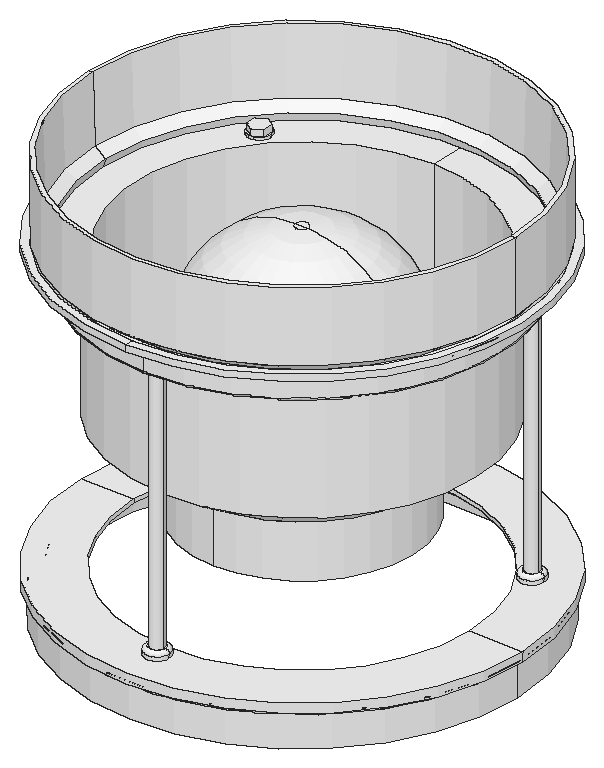
Revit family "R1220-RS", category Plumbing Fixtures, host Face, Revit 2018
Family settings
  Host = Face
  Round Connector Dimension = Use Radius
  Part Type = Normal
  Cut with Voids When Loaded = No
  Shared = No
  Room Calculation Point = No
Parameters (values of type "6" Drain Pipe Size")
  WFU = 0
  URL = "WWW.MIFAB.COM"
  Strainer Diameter = 0' - 6 15/16"
  Pipe Radius = Pipe Diameter / 2  # 0' - 3"
  Pipe Diameter = 0' - 6"
  Model = "R1220-RS"
  Manufacturer = "MIFAB"
  Floor Drain Material = Paint - Sherwin Williams Paint - #952C2A - Bellwood Red
  Description = "MEDIUM SUMP ROOF DECK CONDENSATE RECEPTOR DRAIN"
  Default Elevation = 0' - 0"
  CWFU = 0
  Bottom Adjustmen = 0' - 8"
  Body Height = 0' - 6.41792"
  Assembly Code = ""
Types (5): name | Pipe Radius | Pipe Diameter
  (no name) | 0' - 3" | 0' - 6"
  6" Drain Pipe Size | 0' - 3" | 0' - 6"
  4" Drain Pipe Size | 0' - 2" | 0' - 4"
  3" Drain Pipe Size | 0' - 1 1/2" | 0' - 3"
  2" Drain Pipe Size | 0' - 1" | 0' - 2"
Reference planes (in)
  plane 1 "Center (Front/Back)": y = 0
  plane 2: z = 0
  plane 3 "Center (Left/Right)": x = 0
  plane 4: z = -6.70133
  plane 5: z = -0.28341
  plane 6: z = 0.34159
  plane 7: y = -3
  plane 8: y = 3
  plane 9: z = -6.70133
  plane 10: z = 2
  plane 11: z = -8
  plane 12: x = -6
  plane 13: x = 6
  plane 14: y = 6
  plane 15: y = -6
  plane 16: z = -9.18239
Forms (in)
  Revolve 1, solid, material "Paint - Sherwin Williams Paint - #952C2A - Bellwood Red" <- "Floor Drain Material"
    sketch origin (0, 0.04396, 0.34159) x (0, 1, 0) y (0, 0, 1)
      loop
        line (-4.50803, -0.54292) -> (-5.57618, -0.54292) -> (-5.83474, -0.34159) -> (-6.04396, -0.34159) -> (-6.04396, -0.51167) -> (-5.88972, -0.51167) -> (-5.6355, -0.70961) -> (-5.43458, -0.70961) -> (-5.43458, -1.27233)
        arc (-5.43458, -1.27233) -> (-5.42376, -1.29845) -> (-5.39764, -1.30927) r 0.03694
        line (-5.39764, -1.30927) -> (-4.75803, -1.30927) -> (-4.75803, -4.55392) -> (-3.04396, -5.61278) -> (-3.04396, -7.04292) -> (-2.79396, -7.04292) -> (-2.79396, -5.44415) -> (-4.50803, -4.3853) -> (-4.50803, -0.54292)
      axis (-0.04396, -0.34159) -> (-0.04396, -7.04292)
    angle from 0 to 360
  Revolve 2, solid, material "Paint - Sherwin Williams Paint - #952C2A - Bellwood Red" <- "Floor Drain Material"
    sketch origin (0, 0, 0) x (1, 0, 0) y (0, 0, 1)
      loop
        line (5.79891, 2) -> (5.68967, 2) -> (5.62753, 0.22049) -> (5.34473, -0.00045) -> (5.40556, -0.20706) -> (5.79891, 0.10026) -> (5.79891, 2)
      axis (0, -0.20706) -> (0, 2)
    angle from 0 to 360
  Revolve 3, solid, material "Paint - Sherwin Williams Paint - #952C2A - Bellwood Red" <- "Floor Drain Material"
    sketch origin (0, 0, 0) x (1, 0, 0) y (0, 0, 1)
      loop
        line (0, 0.24833) -> (0, -4.13302) -> (2.92144, -4.13302) -> (2.92144, -4.38302) -> (3.03998, -4.38302) -> (3.03998, -3.88302) -> (2.92144, -3.88302) -> (2.92144, -2.50167)
        arc (2.92144, -2.50167) -> (2.11599, -0.55713) -> (0.17144, 0.24833) r 2.75
        line (0.17144, 0.24833) -> (0, 0.24833)
      axis (0, -4.38302) -> (0, 0.24833)
    angle from 0 to 360
  Revolve 4, solid, material "Paint - Sherwin Williams Paint - #952C2A - Bellwood Red" <- "Floor Drain Material"
    sketch origin (0, 0, 0) x (1, 0, 0) y (0, 0, 1)
      loop
        line (6, -8) -> (4.56527, -8) -> (4.56527, -8.10277) -> (4.67515, -8.10277) -> (4.67515, -8.19049) -> (5.5262, -8.25) -> (5.67388, -9.18239) -> (5.8587, -9.18239) -> (5.8587, -8.35429)
        arc (5.8587, -8.35429) -> (5.88925, -8.28054) -> (5.96299, -8.25) r 0.10429
        line (5.96299, -8.25) -> (6, -8.25) -> (6, -8)
      axis (0, -9.18239) -> (0, -8)
    angle from 0 to 360
Lines and regions (in)
  model lines, not visible
    curve 1: line (8.00504, 5.99767, -0.53421) -> (8.00504, 18.74767, -0.53421)
    curve 2: line (8.00504, 18.74767, -0.53421) -> (9.75504, 18.74767, -0.53421)
    curve 3: line (8.00504, 5.99767, -0.53421) -> (9.75504, 5.99767, -0.53421)
    curve 4: line (8.00504, 12.37267, -0.53421) -> (8.75504, 12.37267, -0.53421)
Dimensions and locks (in)
  "Body Height": plane 5 to plane 4
  plane 6 to plane 5 = 0' - 0 5/8"
  equal spacing: plane 8, plane 1 "Center (Front/Back)", plane 7
  "Pipe Diameter": plane 8 to plane 7
  "Pipe Radius": plane 1 "Center (Front/Back)" to plane 7
  Revolve 1 sketch curve to Revolve 1 sketch curve = 0' - 0 1/4"
  plane 1 "Center (Front/Back)" to Revolve 1 sketch curve to Revolve 1 sketch curve = 0' - 4.46407" locked, 0' - 0 1/4" locked
  level to plane 9 = 0' - 6.70133"
  locked: plane 10 to level at 2
  plane 10 to level = 0' - 2"
  "Bottom Adjustmen": plane 2 to plane 11
  equal spacing: plane 12, plane 3 "Center (Left/Right)", plane 13
  locked: plane 12 to plane 13 at 12
  equal spacing: plane 14, plane 1 "Center (Front/Back)", plane 15
  locked: plane 14 to plane 15 at 12
  locked: plane 11 to plane 16 at 1.18239
  aligned and locked: plane 2 to host face
  aligned and locked: level to host face
  aligned and locked: Revolve 2 sketch curve to plane 10
  aligned and locked: plane 15 to Revolve 1 sketch curve
  aligned and locked: Revolve 4 sketch curve to plane 13
  aligned and locked: plane 11 to Revolve 4 sketch curve
  aligned and locked: plane 16 to Revolve 4 sketch curve
  aligned and locked: nested 1 to Revolve 1
  aligned and locked: plane 3 "Center (Left/Right)" to nested 2
  aligned and locked: nested 3 to Revolve 1
  aligned and locked: nested 2 to Revolve 1
Automatic sketch dimensions
  host sketch curve to host sketch curve = 8' - 0"  (x2)
  Revolve 2 sketch curve to plane 3 "Center (Left/Right)" = 0' - 0"
  Revolve 2 sketch curve to level = 0' - 0.20706"
  plane 3 "Center (Left/Right)" to Revolve 2 sketch curve = 0' - 5.40556"
  level to Revolve 2 sketch curve = 0' - 0.22049"
  Revolve 2 sketch curve to Revolve 2 sketch curve = 0' - 0.22197"
  Revolve 2 sketch curve to Revolve 2 sketch curve = 0' - 0.06214"
  level to Revolve 2 sketch curve = 0' - 0.10026"
  Revolve 2 sketch curve to Revolve 2 sketch curve = 0' - 0.17138"
  Revolve 2 sketch curve to level = 0' - 0.00045"
  Revolve 2 sketch curve to Revolve 2 sketch curve = 0' - 0.06083"
  plane 10 to Revolve 2 sketch curve = 0' - 0.83731"
  Revolve 2 sketch curve to Revolve 2 sketch curve = 0' - 0.31913"
  Revolve 3 sketch curve to plane 3 "Center (Left/Right)" = 0' - 0"  (x2)
  plane 3 "Center (Left/Right)" to Revolve 3 sketch curve = 0' - 0.17144"
  plane 3 "Center (Left/Right)" to Revolve 3 sketch curve = 0' - 2.92144"
  Revolve 3 sketch curve to Revolve 3 sketch curve = 0' - 0"
  Revolve 3 sketch curve to Revolve 3 sketch curve = 0' - 0.11854"
  plane 9 to Revolve 3 sketch curve = 0' - 2.31831"
  Revolve 3 sketch curve to Revolve 3 sketch curve = 0' - 0 1/4"  (x2)
  Revolve 3 sketch curve to Revolve 3 sketch curve = 0' - 1.38135"
  plane 10 to Revolve 3 sketch curve = 0' - 0.35453"
  Revolve 3 sketch curve to Revolve 3 sketch curve = 0' - 0 1/2"
  Revolve 4 sketch curve to plane 3 "Center (Left/Right)" = 0' - 0"
  Revolve 4 sketch curve to plane 13 = 0' - 1.43473"
  Revolve 4 sketch curve to plane 11 = 0' - 0.19049"
  Revolve 4 sketch curve to Revolve 4 sketch curve = 0' - 0.10988"
  Revolve 4 sketch curve to plane 13 = 0' - 0.4738"
  Revolve 4 sketch curve to plane 13 = 0' - 0.32612"
  Revolve 4 sketch curve to plane 13 = 0' - 0.1413"
  Revolve 4 sketch curve to plane 13 = 0' - 0.03701"
  Revolve 4 sketch curve to plane 11 = 0' - 0 1/4"  (x2)
  Revolve 4 sketch curve to plane 11 = 0' - 4.79412"
  Revolve 4 sketch curve to Revolve 4 sketch curve = 0' - 0 1/2"
  Revolve 4 sketch curve to Revolve 4 sketch curve = 0' - 0.08771"
  Revolve 1 sketch curve to level = 0' - 0"
  Revolve 1 sketch curve to plane 4 = 0' - 0"  (x2)
  Revolve 1 sketch curve to plane 7 = 0' - 0"
  Revolve 1 sketch curve to plane 1 "Center (Front/Back)" = 0' - 0"
  Revolve 1 sketch curve to Revolve 1 sketch curve = 0' - 0.15424"
  Revolve 1 sketch curve to Revolve 1 sketch curve = 0' - 0.05497"
  Revolve 1 sketch curve to plane 5 = 0' - 0.08461"
  Revolve 1 sketch curve to Revolve 1 sketch curve = 0' - 0.25422"
  plane 5 to Revolve 1 sketch curve = 0' - 0.08208"
  Revolve 1 sketch curve to Revolve 1 sketch curve = 0' - 0.05932"
  Revolve 1 sketch curve to Revolve 1 sketch curve = 0' - 0.20091"
  Revolve 1 sketch curve to Revolve 1 sketch curve = 0' - 0.03694"
  Revolve 1 sketch curve to plane 7 = 0' - 0 1/4"
  plane 4 to Revolve 1 sketch curve = 0' - 1.43014"
  Revolve 1 sketch curve to Revolve 1 sketch curve = 0' - 0.16863"  (x2)
  plane 4 to Revolve 1 sketch curve = 0' - 2.489"
  Revolve 1 sketch curve to plane 5 = 0' - 0.68427"
  plane 5 to Revolve 1 sketch curve = 0' - 0.11333"
  Revolve 1 sketch curve to plane 5 = 0' - 0 1/4"
Nested families (in)
  nested 1: "Bolt" at (4.15331, 2.62288, -8), type "Bolt"
    with Height 0' - 7.79867"
  nested 2: "Bolt" at (0, -4.92087, -8), type "Bolt"
    with Height 0' - 7.79867"
  nested 3: "Bolt" at (-3.72566, 3.20038, -8), type "Bolt"
    with Height 0' - 7.79867"
Connectors (in)
  piping at (0, 0, -6.70133), diameter 6, driven by "Pipe Radius", driven by "WFU"
    settings: on Revolve 1, index 2, connector inside diameter 2", connector length 0' - 0", flow factor 0, pipe flow 0 GPM, pressure drop 0.00 psi, fitting loss kfactor 0, connector angle 0.00°, fixture units 0, engagement length 0' - 0", angle of deflection 0.00°, flow configuration 3, flow direction 2, fitting loss method 0, system type 16, joint type 0, gender type 0, connector reference index -1, connector utility 0, adjustable connector no, is connector primary yes, connector description "Sanitary Out"
Definition of nested family "Bolt"
  Parameters (values of type "Bolt")
    Material = none
    Height [instance] = 2' - 9.85827"
    Default Elevation = 4' - 0"
  Reference planes (in)
    plane 1 "Center (Front/Back)": y = 0
    plane 2: z = 0
    plane 3 "Center (Left/Right)": x = 0
    plane 4: z = 33.85827
    plane 5: z = 34.08829
    plane 6: z = 33.9115
  Forms (in)
    Extrusion 1, solid
      sketch origin (0, 0, 0) x (1, 0, 0) y (0, 1, 0)
        loop
          line (-48, 48) -> (-48, -48) -> (48, -48) -> (48, 48) -> (-48, 48)
      from 0 to -12
    Revolve 2, solid, material <- "Material"
      sketch origin (0, 0, 0) x (1, 0, 0) y (0, 0, 1)
        loop
          line (0, 33.85827) -> (0, -0.31052) -> (0.17224, -0.31052) -> (0.17224, 0) -> (0.32234, 0) -> (0.32234, 0.09593)
          arc (0.32234, 0.09593) -> (0.29229, 0.16848) -> (0.21974, 0.19854) r 0.10261
          line (0.21974, 0.19854) -> (0.17224, 0.19854) -> (0.17224, 33.85827) -> (0, 33.85827)
        axis (0, -0.31052) -> (0, 33.85827)
      angle from 0 to 360
    Extrusion 3, solid, material <- "Material"
      sketch origin (0, 0, 0) x (1, 0, 0) y (0, 1, 0)
        loop
          line (0, 0.27762) -> (-0.24043, 0.13881) -> (-0.24043, -0.13881) -> (0, -0.27762) -> (0.24043, -0.13881) -> (0.24043, 0.13881) -> (0, 0.27762)
      from 34.08829 to 33.85827
    Extrusion 4, solid, material <- "Material"
      sketch origin (0, 0, 0) x (1, 0, 0) y (0, 1, 0)
        loop
          circle (0, 0) r 0.30308
      from 33.9115 to 33.85827
  Cuts and joins
    joined: Extrusion 3, Extrusion 4
  Dimensions and locks (in)
    "Height": plane 4 to plane 2
    plane 5 to plane 6 to plane 4 = 0' - 0.17679" locked, 0' - 0.05323" locked
    aligned and locked: plane 2 to Extrusion 1
    aligned and locked: level to Extrusion 1
    aligned and locked: Revolve 2 sketch curve to plane 3 "Center (Left/Right)"
    aligned and locked: plane 4 to Extrusion 3
    aligned and locked: Extrusion 3 to Revolve 2
    aligned and locked: plane 5 to Extrusion 3
    aligned and locked: plane 4 to Extrusion 4
    aligned and locked: plane 6 to cut or joined group of Extrusion 3, Extrusion 4
  Automatic sketch dimensions
    Extrusion 1 sketch curve to Extrusion 1 sketch curve = 8' - 0"  (x2)
    Extrusion 3 sketch curve to plane 3 "Center (Left/Right)" = 0' - 0"  (x2)
    Extrusion 3 sketch curve to plane 3 "Center (Left/Right)" = 0' - 0.24043"
    plane 3 "Center (Left/Right)" to Extrusion 3 sketch curve = 0' - 0.24043"
    plane 1 "Center (Front/Back)" to Extrusion 3 sketch curve = 0' - 0.27762"
    plane 1 "Center (Front/Back)" to Extrusion 3 sketch curve = 0' - 0.13881"  (x2)
    Extrusion 3 sketch curve to plane 1 "Center (Front/Back)" = 0' - 0.13881"  (x2)
    Extrusion 3 sketch curve to plane 1 "Center (Front/Back)" = 0' - 0.27762"
    plane 1 "Center (Front/Back)" to Extrusion 4 sketch curve = 0' - 0"
    Extrusion 4 sketch curve to plane 3 "Center (Left/Right)" = 0' - 0"
    Revolve 2 sketch curve to plane 3 "Center (Left/Right)" = 0' - 0"
    Revolve 2 sketch curve to plane 4 = 0' - 0"
    Revolve 2 sketch curve to level = 0' - 0"
    plane 3 "Center (Left/Right)" to Revolve 2 sketch curve = 0' - 0.17224"  (x2)
    Revolve 2 sketch curve to Revolve 2 sketch curve = 0' - 0.04749"
    Revolve 2 sketch curve to Revolve 2 sketch curve = 0' - 0.10261"
    Revolve 2 sketch curve to Revolve 2 sketch curve = 0' - 0.31052"
    level to Revolve 2 sketch curve = 0' - 0.09593"
    plane 5 to Revolve 2 sketch curve = 0' - 5.15876"
    Revolve 2 sketch curve to Revolve 2 sketch curve = 0' - 5.51181"
    radius of Extrusion 4 sketch curve = 0' - 0.30308"
